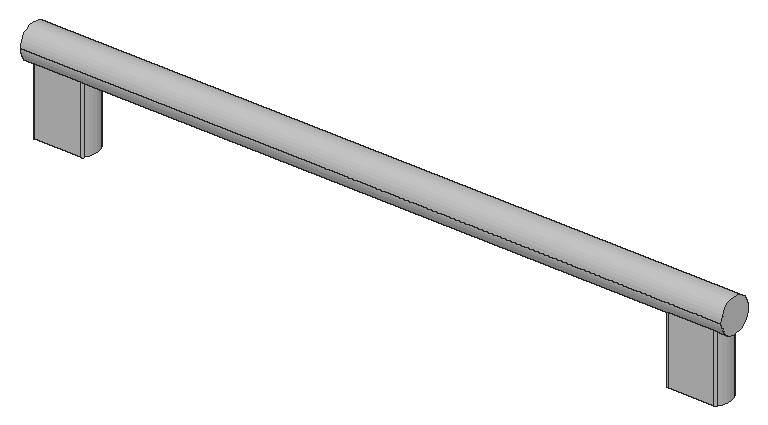
Revit family "687377BN  OPAL SUPPORT RAIL 600MM STRAIGHT BRUSHED NICKEL", category Plumbing Fixtures, host Face, Revit 2019
Family settings
  Host = Face
  Round Connector Dimension = Use Radius
  Part Type = Normal
  OmniClass Number = 23.40.20.21.47
  OmniClass Title = Bath Grab Bars
  Cut with Voids When Loaded = No
  Shared = No
  Room Calculation Point = No
Parameters (values of type "OPAL SUPPORT RAIL 600MM STRAIGHT BRUSHED NICKEL")
  Waste Connection = no
  Vent Connection = no
  URL = "https://www.caroma.com.au/"
  Rail_Width = 600 mm
  Rail_Height = 75 mm
  Model = "687377BN"
  Material_Base = GWA_Metal-Brushed-Nickel
  Manufacturer = "GWA Bathrooms & Kitchens"  # constant formula
  HW Connection = no
  Description = "OPAL SUPPORT RAIL 600MM STRAIGHT BRUSHED NICKEL"
  Default Elevation = 0 mm
  CreatedBy_ANZRS = "GWA Bathrooms & Kitchens"  # constant formula
  CW Connection = no
  Assembly Code = "C1030200"
Reference planes
  plane 1 "Center (Front/Back)": y = 0
  plane 2: z = 0
  plane 3 "Center (Left/Right)": x = 0
  plane 4 "Left": x = -300
  plane 5 "Right": x = 300
  plane 6 "Rail_Centre": z = 75
Forms (mm)
  Extrusion 1, solid, material "GWA_Metal-Brushed-Nickel" <- "Material_Base"
    sketch origin (0, 0, 0) x (1, 0, 0) y (0, 1, 0)
      loop
        line (-278.278, 11.5) -> (-321.722, 11.5)
        arc (-321.722, 11.5) -> (-323.222, 11.098) -> (-324.321, 10) r 3
        arc (-324.321, 10) -> (-327, 0) -> (-324.321, -10) r 20
        arc (-324.321, -10) -> (-323.222, -11.098) -> (-321.722, -11.5) r 3
        line (-321.722, -11.5) -> (-278.278, -11.5)
        arc (-278.278, -11.5) -> (-276.778, -11.098) -> (-275.679, -10) r 3
        arc (-275.679, -10) -> (-273, 0) -> (-275.679, 10) r 20
        arc (-275.679, 10) -> (-276.778, 11.098) -> (-278.278, 11.5) r 3
    from 0 to 75
  Extrusion 2, solid, material "GWA_Metal-Brushed-Nickel" <- "Material_Base"
    sketch origin (0, 0, 0) x (1, 0, 0) y (0, 1, 0)
      loop
        line (321.722, 11.5) -> (278.278, 11.5)
        arc (278.278, 11.5) -> (276.778, 11.098) -> (275.679, 10) r 3
        arc (275.679, 10) -> (273, 0) -> (275.679, -10) r 20
        arc (275.679, -10) -> (276.778, -11.098) -> (278.278, -11.5) r 3
        line (278.278, -11.5) -> (321.722, -11.5)
        arc (321.722, -11.5) -> (323.222, -11.098) -> (324.321, -10) r 3
        arc (324.321, -10) -> (327, 0) -> (324.321, 10) r 20
        arc (324.321, 10) -> (323.222, 11.098) -> (321.722, 11.5) r 3
    from 0 to 75
  Extrusion 3, void
    sketch origin (-300, 0, 0) x (0, 1, 0) y (0, 0, 1)
      loop
        circle (0, 75) r 16
    from -30 to 30
  Extrusion 4, void
    sketch origin (300, 50, 0) x (0, 1, 0) y (0, 0, 1)
      loop
        circle (-50, 75) r 16
    from -30 to 30
  Extrusion 5, solid, material "GWA_Metal-Brushed-Nickel" <- "Material_Base"
    sketch origin (0, 0, 0) x (0, 1, 0) y (0, 0, 1)
      loop
        circle (0, 75) r 16
    from -332 to 331.99
Cuts and joins
  Extrusion 3, Extrusion 4 cuts Extrusion 1
  Extrusion 4 cuts Extrusion 2
Lines and regions (mm)
  Masking region 1
    outline origin (0, 0, 40) x (-1, 0, 0) y (0, -1, 0)
      loop
        line (332, -16) -> (332, 16) -> (-331.99, 16) -> (-331.99, -16) -> (332, -16)
  Masking region 2
    outline origin (0, 0, 0) x (1, 0, 0) y (0, 0, 1)
      loop
        line (-332, 91) -> (-332, 59) -> (-327, 59) -> (-327, 0) -> (-273, 0) -> (-273, 59) -> (273, 59) -> (273, 0) -> (327, 0) -> (327, 59) -> (331.99, 59) -> (331.99, 91) -> (-332, 91)
  Masking region 3
    outline origin (0, 0, 0) x (0, 1, 0) y (0, 0, 1)
      loop
        line (-11.5, 0) -> (11.5, 0) -> (11.5, 63.876)
        arc (11.5, 63.876) -> (0, 91) -> (-11.5, 63.876) r 16
        line (-11.5, 63.876) -> (-11.5, 0)
  symbolic lines
    curve 1: line (-332, 16, 40) -> (331.99, 16, 40)
    curve 2: line (-332, -16, 40) -> (-332, 16, 40)
    curve 3: line (331.99, -16, 40) -> (-332, -16, 40)
    curve 4: line (331.99, 16, 40) -> (331.99, -16, 40)
    curve 5: line (278.226, 0, 63.876) -> (321.774, 0, 63.876)
    curve 6: line (273, 0, 0) -> (273, 0, 59)
    curve 7: line (273, 0, 0) -> (327, 0, 0)
    curve 8: line (327, 0, 0) -> (327, 0, 59)
    curve 9: line (-327, 0, 0) -> (-327, 0, 59)
    curve 10: line (-327, 0, 0) -> (-273, 0, 0)
    curve 11: line (-273, 0, 0) -> (-273, 0, 59)
    curve 12: line (331.99, 0, 59) -> (327, 0, 59)
    curve 13: line (-332, 0, 59) -> (-332, 0, 91)
    curve 14: line (-332, 0, 91) -> (331.99, 0, 91)
    curve 15: line (331.99, 0, 91) -> (331.99, 0, 59)
    curve 16: line (273, 0, 59) -> (-273, 0, 59)
    curve 17: line (-327, 0, 59) -> (-332, 0, 59)
    curve 18: line (327, 0, 59) -> (324.152, 0, 62.704)
    curve 19: arc (321.774, 0, 63.876) -> (323.099, 0, 63.567) -> (324.152, 0, 62.704) r 3
    curve 20: line (273, 0, 59) -> (275.848, 0, 62.704)
    curve 21: arc (278.226, 0, 63.876) -> (276.901, 0, 63.567) -> (275.848, 0, 62.704) r 3
    curve 22: line (-278.226, 0, 63.876) -> (-321.774, 0, 63.876)
    curve 23: line (-327, 0, 59) -> (-324.152, 0, 62.704)
    curve 24: arc (-321.774, 0, 63.876) -> (-323.099, 0, 63.567) -> (-324.152, 0, 62.704) r 3
    curve 25: line (-273, 0, 59) -> (-275.848, 0, 62.704)
    curve 26: arc (-278.226, 0, 63.876) -> (-276.901, 0, 63.567) -> (-275.848, 0, 62.704) r 3
    curve 27: line (0, -11.5, 0) -> (0, -11.5, 63.876)
    curve 28: line (0, 11.5, 0) -> (0, 11.5, 63.876)
    curve 29: circle (0, 0, 75) r 16 normal (1, 0, 0)
    curve 30: line (0, -11.5, 0) -> (0, 11.5, 0)
Dimensions and locks
  "Rail_Width": plane 4 "Left" to plane 5 "Right"
  equal spacing: plane 4 "Left", plane 3 "Center (Left/Right)", plane 5 "Right"
  "Rail_Height": plane 6 "Rail_Centre" to host face
  locked: plane 5 "Right" to Extrusion 5 at 31.99
  locked: Extrusion 5 to plane 4 "Left" at 32
  aligned and locked: plane 2 to host face
  aligned and locked: level to host face
  aligned and locked: Masking region 1 sketch curve to curve 1
  aligned and locked: Masking region 1 sketch curve to Extrusion 5  (x2)
  aligned and locked: Masking region 1 sketch curve to curve 3
Automatic sketch dimensions
  host sketch curve to host sketch curve = 2438.4 mm  (x2)
  Extrusion 3 sketch curve to plane 1 "Center (Front/Back)" = 0 mm
  Extrusion 3 sketch curve to plane 6 "Rail_Centre" = 0 mm
  Extrusion 4 sketch curve to plane 6 "Rail_Centre" = 0 mm
  plane 1 "Center (Front/Back)" to Extrusion 4 sketch curve = 0 mm
  Extrusion 5 sketch curve to plane 1 "Center (Front/Back)" = 0 mm
  Extrusion 5 sketch curve to plane 6 "Rail_Centre" = 0 mm
  curve 10 to level = 0 mm
  curve 7 to level = 0 mm
  curve 13 to plane 4 "Left" = 32 mm
  curve 13 to curve 23 = 5 mm
  curve 23 to plane 6 "Rail_Centre" = 12.296 mm
  curve 23 to curve 23 = 2.848 mm
  curve 23 to curve 22 = 2.378 mm
  plane 4 "Left" to curve 26 = 21.774 mm
  curve 25 to plane 6 "Rail_Centre" = 12.296 mm
  curve 26 to curve 25 = 2.378 mm
  plane 4 "Left" to curve 10 = 27 mm
  curve 7 to plane 5 "Right" = 27 mm
  curve 6 to curve 20 = 2.848 mm
  curve 20 to curve 21 = 2.378 mm
  curve 19 to plane 6 "Rail_Centre" = 14.124 mm
  plane 5 "Right" to curve 19 = 21.774 mm
  curve 5 to curve 18 = 2.378 mm
  plane 5 "Right" to curve 8 = 27 mm
  curve 19 to curve 15 = 10.216 mm
  curve 9 to curve 24 = 3.704 mm
  curve 6 to plane 6 "Rail_Centre" = 16 mm
  curve 8 to curve 19 = 1.876 mm
  curve 24 to curve 23 = 1.829 mm
  curve 6 to curve 21 = 1.876 mm
  curve 19 to curve 18 = 1.829 mm
  plane 6 "Rail_Centre" to curve 14 = 16 mm
  plane 5 "Right" to curve 1 = 31.99 mm
  plane 1 "Center (Front/Back)" to curve 3 = 16 mm
  curve 3 to plane 4 "Left" = 32 mm
  curve 1 to plane 1 "Center (Front/Back)" = 16 mm
  plane 1 "Center (Front/Back)" to Extrusion 1 sketch curve = 0 mm  (x2)
  Extrusion 1 sketch curve to plane 1 "Center (Front/Back)" = 8.5 mm
  Extrusion 1 sketch curve to plane 4 "Left" = 21.722 mm
  plane 1 "Center (Front/Back)" to Extrusion 1 sketch curve = 8.5 mm  (x2)
  Extrusion 1 sketch curve to Extrusion 1 sketch curve = 0 mm  (x3)
  Extrusion 1 sketch curve to plane 4 "Left" = 7 mm
  plane 4 "Left" to Extrusion 1 sketch curve = 7 mm
  Extrusion 1 sketch curve to Extrusion 1 sketch curve = 14.722 mm  (x2)
  Extrusion 1 sketch curve to plane 1 "Center (Front/Back)" = 11.5 mm
  Extrusion 1 sketch curve to Extrusion 1 sketch curve = 3 mm  (x2)
  plane 1 "Center (Front/Back)" to Extrusion 2 sketch curve = 0 mm  (x2)
  Extrusion 2 sketch curve to plane 1 "Center (Front/Back)" = 8.5 mm
  Extrusion 2 sketch curve to plane 5 "Right" = 21.722 mm
  plane 1 "Center (Front/Back)" to Extrusion 2 sketch curve = 8.5 mm  (x2)
  Extrusion 2 sketch curve to Extrusion 2 sketch curve = 0 mm  (x3)
  Extrusion 2 sketch curve to plane 5 "Right" = 7 mm
  plane 5 "Right" to Extrusion 2 sketch curve = 7 mm
  Extrusion 2 sketch curve to Extrusion 2 sketch curve = 14.722 mm  (x2)
  Extrusion 2 sketch curve to plane 1 "Center (Front/Back)" = 11.5 mm
  Extrusion 2 sketch curve to Extrusion 2 sketch curve = 3 mm  (x2)
  Masking region 2 sketch curve to level = 0 mm  (x2)
  Masking region 2 sketch curve to plane 4 "Left" = 32 mm
  Masking region 2 sketch curve to Masking region 2 sketch curve = 5 mm
  plane 4 "Left" to Masking region 2 sketch curve = 27 mm
  Masking region 2 sketch curve to plane 5 "Right" = 27 mm
  plane 5 "Right" to Masking region 2 sketch curve = 27 mm
  plane 5 "Right" to Masking region 2 sketch curve = 31.99 mm
  Masking region 2 sketch curve to plane 6 "Rail_Centre" = 16 mm  (x3)
  plane 6 "Rail_Centre" to Masking region 2 sketch curve = 16 mm
  Masking region 3 sketch curve to plane 6 "Rail_Centre" = 11.124 mm  (x2)
  Masking region 3 sketch curve to level = 0 mm
  Masking region 3 sketch curve to plane 1 "Center (Front/Back)" = 0 mm
  Masking region 3 sketch curve to plane 1 "Center (Front/Back)" = 11.5 mm
  Masking region 3 sketch curve to plane 6 "Rail_Centre" = 0 mm
  curve 27 to level = 0 mm
  curve 29 to plane 1 "Center (Front/Back)" = 0 mm
  curve 29 to plane 6 "Rail_Centre" = 0 mm
  plane 1 "Center (Front/Back)" to curve 27 = 11.5 mm
  curve 28 to plane 1 "Center (Front/Back)" = 11.5 mm
  curve 28 to plane 6 "Rail_Centre" = 11.124 mm
  radius of Extrusion 3 sketch curve = 16 mm
  radius of Extrusion 4 sketch curve = 16 mm
  radius of Extrusion 5 sketch curve = 16 mm
